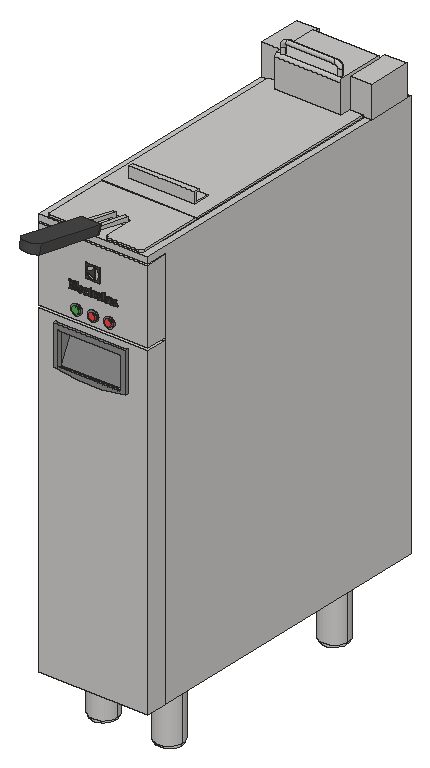
Revit family "QF_ELECTROLUXPROFESSIONAL_285563_EXFREB1BWF", category Specialty Equipment, Revit 2018 (continued)
Automatic sketch dimensions
  Extrusion 26 sketch curve to Extrusion 26 sketch curve = 7.158 mm
  Extrusion 26 sketch curve to Extrusion 26 sketch curve = 71.42 mm
  Extrusion 26 sketch curve to Extrusion 26 sketch curve = 1.111 mm
  Extrusion 26 sketch curve to Extrusion 26 sketch curve = 5.916 mm
  Extrusion 24 to Extrusion 27 sketch curve = 0 mm
  Extrusion 27 sketch curve to Extrusion 24 = 59 mm
  Extrusion 27 sketch curve to Extrusion 27 sketch curve = 21.25 mm
  Extrusion 27 sketch curve to Extrusion 24 = 2 mm
  Extrusion 27 sketch curve to Extrusion 27 sketch curve = 5.75 mm
  Extrusion 27 sketch curve to Extrusion 27 sketch curve = 3 mm  (x2)
  Extrusion 27 sketch curve to Extrusion 27 sketch curve = 15 mm
  curve 25 to plane 3 "LEFT" = 0 mm
  plane 5 "FRONT" to curve 18 = 0 mm
  curve 23 to plane 15 = 0 mm
  curve 50 to plane 15 = 0 mm
  curve 74 to plane 15 = 0 mm
  plane 5 "FRONT" to curve 54 = 0 mm
  plane 5 "FRONT" to curve 56 = 0 mm
  plane 5 "FRONT" to curve 63 = 0 mm
  plane 5 "FRONT" to curve 57 = 0 mm
  plane 5 "FRONT" to curve 65 = 0 mm
  plane 5 "FRONT" to curve 66 = 0 mm
  curve 71 to plane 18 = 0 mm
  curve 73 to plane 18 = 0 mm
  curve 70 to plane 14 = 0 mm
  curve 26 to plane 14 = 0 mm
  curve 52 to plane 14 = 0 mm
  curve 18 to plane 19 = 0 mm
  curve 27 to plane 4 "RIGHT" = 0 mm
  plane 5 "FRONT" to curve 28 = 0 mm
  plane 3 "LEFT" to curve 43 = 13.5 mm
  curve 49 to curve 42 = 0 mm
  curve 46 to curve 46 = 5 mm
  curve 51 to curve 51 = 5 mm
  curve 50 to curve 50 = 5 mm
  plane 15 to curve 72 = 5 mm
  plane 15 to curve 71 = 5 mm
  plane 5 "FRONT" to curve 55 = 3.175 mm
  plane 15 to curve 55 = 23.625 mm
  curve 54 to curve 35 = 11.925 mm
  curve 35 to curve 56 = 0.775 mm
  curve 35 to curve 34 = 5 mm
  curve 55 to curve 36 = 5.195 mm
  curve 37 to curve 38 = 3.509 mm
  curve 33 to curve 32 = 5 mm
  plane 5 "FRONT" to curve 63 = 3.175 mm
  curve 63 to plane 7 "Center Y" = 6.375 mm
  plane 7 "Center Y" to curve 58 = 6.325 mm
  plane 7 "Center Y" to curve 31 = 14.641 mm
  curve 57 to curve 38 = 8.93 mm
  curve 39 to curve 40 = 3.5 mm
  curve 31 to curve 30 = 5 mm
  plane 5 "FRONT" to curve 64 = 3.175 mm
  curve 39 to curve 64 = 4.87 mm
  curve 30 to curve 29 = 5 mm
  curve 64 to curve 64 = 12.7 mm
  curve 52 to curve 52 = 5 mm
  curve 52 to curve 53 = 16.691 mm
  curve 45 to plane 5 "FRONT" = 8 mm
  curve 45 to plane 4 "RIGHT" = 18.309 mm
  curve 48 to plane 4 "RIGHT" = 13.309 mm
  curve 45 to curve 44 = 5 mm
  curve 45 to curve 18 = 3.809 mm
  plane 20 to curve 36 = 10.668 mm
  plane 20 to curve 40 = 10.668 mm
  curve 36 to curve 55 = 4.887 mm
  curve 40 to curve 64 = 4.878 mm
  curve 39 to curve 38 = 3.432 mm
  curve 46 to plane 5 "FRONT" = 8 mm
  curve 29 to plane 5 "FRONT" = 8 mm
  curve 34 to plane 5 "FRONT" = 8 mm
  plane 12 to curve 30 = 42.238 mm
  curve 43 to plane 12 = 28 mm
  curve 42 to curve 47 = 1 mm
  curve 47 to curve 68 = 29 mm
  curve 69 to curve 75 = 3.75 mm
  curve 75 to curve 70 = 16.25 mm
  curve 50 to plane 11 = 29 mm
  curve 53 to plane 11 = 29 mm
  curve 51 to curve 50 = 0 mm
  curve 52 to curve 53 = 0 mm
  plane 1 "BACK" to curve 27 = 10 mm
  curve 41 to curve 41 = 3.442 mm
  curve 33 to curve 62 = 0.049 mm
  curve 59 to curve 58 = 2.169 mm
  curve 60 to curve 32 = 5.822 mm
  curve 61 to curve 39 = 0.579 mm
  curve 40 to curve 41 = 11.603 mm
  curve 31 to curve 61 = 0 mm
  curve 49 to curve 25 = 5 mm
  curve 26 to curve 26 = 13.124 mm
  curve 23 to curve 23 = 13.124 mm
  curve 8 to plane 4 "RIGHT" = 0 mm
  curve 9 to plane 4 "RIGHT" = 0 mm
  plane 1 "BACK" to curve 17 = 0 mm
  curve 10 to plane 19 = 0 mm
  plane 5 "FRONT" to curve 3 = 0 mm
  curve 14 to plane 14 = 0 mm
  curve 15 to plane 15 = 0 mm
  plane 5 "FRONT" to curve 9 = 0 mm
  curve 9 to curve 3 = 9.5 mm
  curve 3 to curve 7 = 2.048 mm
  plane 18 to curve 20 = 3.059 mm
  plane 15 to curve 22 = 7.824 mm
  curve 4 to plane 5 "FRONT" = 3 mm
  plane 3 "LEFT" to curve 4 = 11.548 mm
  plane 1 "BACK" to curve 14 = 23.124 mm
  curve 19 to plane 11 = 27.073 mm
  curve 22 to curve 22 = 3.829 mm
  curve 20 to curve 12 = 5.415 mm
  curve 7 to plane 5 "FRONT" = 3 mm
  plane 7 "Center Y" to curve 6 = 24.641 mm
  curve 5 to plane 7 "Center Y" = 24.45 mm
  curve 15 to curve 19 = 8.803 mm
  curve 15 to curve 16 = 1.876 mm
  curve 15 to curve 7 = 1.876 mm
  plane 1 "BACK" to curve 28 = 0 mm
  plane 1 "BACK" to curve 25 = 10 mm
  curve 1 to plane 4 "RIGHT" = 0 mm
  curve 17 to plane 4 "RIGHT" = 0 mm
  curve 16 to plane 3 "LEFT" = 0 mm
  curve 1 to plane 3 "LEFT" = 0 mm
  radius of Sweep 20 sketch curve = 3.827 mm
  radius of Extrusion 7 sketch curve = 6.35 mm
  radius of Extrusion 13 sketch curve = 6.35 mm
  radius of Extrusion 15 sketch curve = 6.35 mm
  radius of Extrusion 17 sketch curve = 6.35 mm
Connectors
  electrical at (155, -50, 92)
    settings: on Extrusion 7, index 1, voltage 400 V, apparent load 16050 VA, apparent load phase1 0 VA, apparent load phase2 0 VA, apparent load phase3 0 VA, power factor 1, load classification "Other", number of poles 1, system type 30, power factor state 1, is connector primary yes, connector utility no, sub classification motor no, connector description "ELECTRICAL CONNECTION"
